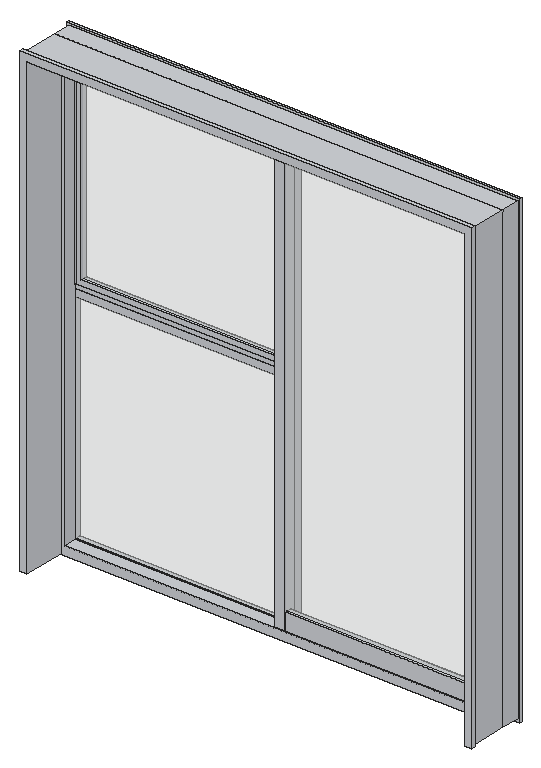
Revit family "APL Residential Thermal Heart Sliding Door SF with Sidelight", category Doors, host Wall, Revit 2017 (continued)
Definition of nested family "APL Residential Thermal Heart Sliding Door SF with Sidelight Horizontal Section"
  Definition of nested family "Interlocker&Sash"
    Definition of nested family "65420_Interlocker Mullion"
      Lines and regions (mm)
        model lines, in view "Ref. Level"
          curve 223: arc (-38.141, 60.009, 0) -> (-37.948, 59.957, 0) -> (-37.807, 60.098, 0) r 0.2
          curve 224: arc (-37.762, 60.266, 0) -> (-37.71, 60.355, 0) -> (-37.621, 60.407, 0) r 0.2
          curve 225: arc (-35.4, 60.95, 0) -> (-35.12, 60.757, 0) -> (-35.2, 60.426, 0) r 0.3
          curve 226: arc (-35.2, 60.426, 0) -> (-35.274, 60.325, 0) -> (-35.3, 60.203, 0) r 0.3
          curve 227: arc (-35.106, 56.2, 0) -> (-35.142, 56.028, 0) -> (-35.3, 55.95, 0) r 0.2
          curve 228: arc (-35.821, 55.95, 0) -> (-35.902, 55.961, 0) -> (-35.977, 55.994, 0) r 0.3
          curve 229: arc (-37.231, 56.759, 0) -> (-37.228, 56.929, 0) -> (-37.334, 57.061, 0) r 0.25
          curve 230: arc (-37.42, 57.113, 0) -> (-37.672, 57.118, 0) -> (-37.8, 56.9, 0) r 0.25
          curve 231: arc (-37.8, 54.875, 0) -> (-37.774, 54.778, 0) -> (-37.704, 54.705, 0) r 0.2
          curve 232: arc (-36.751, 54.123, 0) -> (-36.626, 54.069, 0) -> (-36.491, 54.05, 0) r 0.5
          curve 233: arc (-33.9, 54.05, 0) -> (-33.546, 54.196, 0) -> (-33.4, 54.55, 0) r 0.5
          curve 234: arc (-33.4, 59.15, 0) -> (-33.254, 59.504, 0) -> (-32.9, 59.65, 0) r 0.5
          curve 235: arc (-17.952, 59.65, 0) -> (-16.112, 60.411, 0) -> (-15.35, 62.25, 0) r 2.6
          curve 236: arc (-15.35, 64, 0) -> (-15.291, 64.141, 0) -> (-15.15, 64.2, 0) r 0.2
          curve 237: arc (-7.85, 64.2, 0) -> (-6.162, 64.792, 0) -> (-5.215, 66.309, 0) r 2.7
          curve 238: arc (-5.215, 66.309, 0) -> (-5.04, 66.59, 0) -> (-4.727, 66.7, 0) r 0.5
          curve 239: arc (-2.4, 66.7, 0) -> (-2.046, 66.554, 0) -> (-1.9, 66.2, 0) r 0.5
          curve 240: line (-22, 9.8, 0) -> (-22, 3.501, 0)
          curve 241: line (-21, 2.5, 0) -> (-2.8, 2.5, 0)
          curve 242: line (-1.8, 3.5, 0) -> (-1.8, 9.8, 0)
          curve 243: line (-2.8, 10.8, 0) -> (-21.001, 10.8, 0)
          curve 244: line (-1.9, 30.119, 0) -> (-1.9, 13.7, 0)
          curve 245: line (-2.9, 12.7, 0) -> (-24.1, 12.7, 0)
          curve 246: line (-24.6, 13.2, 0) -> (-24.6, 14.698, 0)
          curve 247: line (-25.1, 15.2, 0) -> (-27.449, 15.2, 0)
          curve 248: line (-27.309, 14.631, 0) -> (-26.544, 13.377, 0)
          curve 249: line (-26.544, 13.377, 0) -> (-26.5, 12.7, 0)
          curve 250: line (-26.75, 12.506, 0) -> (-27.475, 12.694, 0)
          curve 251: line (-27.475, 12.694, 0) -> (-30.753, 12.7, 0)
          curve 252: line (-31.5, 12.954, 0) -> (-30.957, 15.021, 0)
          curve 253: line (-30.957, 15.021, 0) -> (-30.648, 15.207, 0)
          curve 254: line (-30.559, 15.541, 0) -> (-30.922, 15.905, 0)
          curve 255: line (-31.108, 15.992, 0) -> (-33.474, 16.199, 0)
          curve 256: line (-33.782, 15.797, 0) -> (-33.268, 14.387, 0)
          curve 257: line (-33, 13.617, 0) -> (-33, 9.5, 0)
          curve 258: line (-32.8, 9.3, 0) -> (-32.5, 9.3, 0)
          curve 259: line (-31.98, 9.6, 0) -> (-31.345, 10.7, 0)
          curve 260: line (-31.172, 10.8, 0) -> (-25, 10.8, 0)
          curve 261: line (-24, 9.8, 0) -> (-24, 2.463, 0)
          curve 262: line (-24.98, 1.463, 0) -> (-31.935, 1.322, 0)
          curve 263: line (-32.621, 1.665, 0) -> (-32.953, 1.269, 0)
          curve 264: line (-32.953, 1.269, 0) -> (-33, 0.2, 0)
          curve 265: line (-32.8, 0, 0) -> (-0.5, 0, 0)
          curve 266: line (0, 0.5, 0) -> (0, 70.3, 0)
          curve 267: line (-0.2, 70.5, 0) -> (-0.8, 70.5, 0)
          curve 268: line (-1, 70.3, 0) -> (-1, 69.7, 0)
          curve 269: line (-1.2, 69.5, 0) -> (-8.75, 69.5, 0)
          curve 270: line (-8.75, 68.5, 0) -> (-7.85, 68.5, 0)
          curve 271: line (-7.65, 68.3, 0) -> (-7.65, 67.2, 0)
          curve 272: line (-7.85, 67, 0) -> (-15.15, 67, 0)
          curve 273: line (-15.35, 67.2, 0) -> (-15.35, 68.3, 0)
          curve 274: line (-15.15, 68.5, 0) -> (-14.25, 68.5, 0)
          curve 275: line (-14.25, 69.5, 0) -> (-14.85, 69.5, 0)
          curve 276: line (-15.85, 70.5, 0) -> (-30.65, 70.5, 0)
          curve 277: line (-30.709, 69.002, 0) -> (-20.534, 68.077, 0)
          curve 278: line (-20.35, 67.877, 0) -> (-20.35, 67.25, 0)
          curve 279: line (-19.35, 67.25, 0) -> (-19.35, 67.8, 0)
          curve 280: line (-19.15, 68, 0) -> (-18.05, 68, 0)
          curve 281: line (-17.85, 67.8, 0) -> (-17.85, 62.7, 0)
          curve 282: line (-18.05, 62.5, 0) -> (-19.15, 62.5, 0)
          curve 283: line (-19.35, 62.7, 0) -> (-19.35, 63.25, 0)
          curve 284: line (-20.35, 63.25, 0) -> (-20.35, 62.65, 0)
          curve 285: line (-20.55, 62.45, 0) -> (-36.217, 62.45, 0)
          curve 286: line (-36.987, 62.718, 0) -> (-38.397, 63.232, 0)
          curve 287: line (-38.799, 62.924, 0) -> (-38.592, 60.558, 0)
          curve 288: line (-38.505, 60.372, 0) -> (-38.141, 60.009, 0)
          curve 289: line (-37.807, 60.098, 0) -> (-37.762, 60.266, 0)
          curve 290: line (-37.762, 60.266, 0) -> (-35.632, 60.94, 0)
          curve 291: line (-35.632, 60.94, 0) -> (-35.4, 60.95, 0)
          curve 292: line (-35.3, 60.203, 0) -> (-35.3, 56.975, 0)
          curve 293: line (-35.3, 56.975, 0) -> (-35.106, 56.2, 0)
          curve 294: line (-35.3, 55.95, 0) -> (-35.821, 55.95, 0)
          curve 295: line (-35.821, 55.95, 0) -> (-37.231, 56.759, 0)
          curve 296: line (-37.8, 56.9, 0) -> (-37.8, 54.875, 0)
          curve 297: line (-37.704, 54.705, 0) -> (-36.751, 54.123, 0)
          curve 298: line (-36.491, 54.05, 0) -> (-33.9, 54.05, 0)
          curve 299: line (-33.4, 54.55, 0) -> (-33.4, 59.15, 0)
          curve 300: line (-32.9, 59.65, 0) -> (-17.952, 59.65, 0)
          curve 301: line (-15.35, 62.25, 0) -> (-15.35, 64, 0)
          curve 302: line (-15.15, 64.2, 0) -> (-7.85, 64.2, 0)
          curve 303: line (-4.727, 66.7, 0) -> (-2.4, 66.7, 0)
          curve 304: line (-1.9, 66.2, 0) -> (-1.9, 37.681, 0)
          curve 305: arc (-1.9, 37.681, 0) -> (-2.153, 37.247, 0) -> (-2.656, 37.252, 0) r 0.5
          curve 306: arc (-2.656, 37.252, 0) -> (-5.107, 37.773, 0) -> (-7.37, 36.695, 0) r 3.9
          curve 307: arc (-7.37, 36.695, 0) -> (-7.387, 35.422, 0) -> (-6.115, 35.405, 0) r 0.9
          curve 308: arc (-6.115, 35.405, 0) -> (-4.65, 36, 0) -> (-3.185, 35.405, 0) r 2.1
          curve 309: arc (-3.185, 35.405, 0) -> (-3.023, 35.28, 0) -> (-2.836, 35.194, 0) r 0.9
          curve 310: arc (-2.836, 35.194, 0) -> (-2.664, 35.097, 0) -> (-2.543, 34.94, 0) r 0.5
          curve 311: arc (-2.543, 34.94, 0) -> (-2.3, 33.9, 0) -> (-2.543, 32.86, 0) r 2.35
          curve 312: arc (-2.543, 32.86, 0) -> (-2.664, 32.703, 0) -> (-2.836, 32.606, 0) r 0.5
          curve 313: arc (-2.836, 32.606, 0) -> (-3.023, 32.52, 0) -> (-3.185, 32.395, 0) r 0.9
          curve 314: arc (-3.185, 32.395, 0) -> (-4.65, 31.8, 0) -> (-6.115, 32.395, 0) r 2.1
          curve 315: arc (-6.115, 32.395, 0) -> (-7.387, 32.378, 0) -> (-7.37, 31.105, 0) r 0.9
          curve 316: arc (-7.37, 31.105, 0) -> (-5.107, 30.027, 0) -> (-2.656, 30.548, 0) r 3.9
      Text (mm)
        text "65420" at (-82.532, 21.092, 0), in view "Ref. Level"
    Definition of nested family "65720_Sash"
      Reference planes
        plane 1 "Center (Front/Back)": y = 0
        plane 2: z = 0
        plane 3 "Center (Left/Right)": x = 0
      Lines and regions (mm)
        detail lines, in view "Ref. Level"
          curve 1: arc (-0.482, 17.85, 0) -> (-0.172, 17.71, 0) -> (-0.009, 18.009, 0) r 0.25
          curve 2: arc (-0.036, 27.897, 0) -> (-0.198, 28.196, 0) -> (-0.508, 28.056, 0) r 0.25
          curve 3: line (-0.009, 18.009, 0) -> (-1.003, 21.876, 0)
          curve 4: line (-1.003, 21.876, 0) -> (0, 22.455, 0)
          curve 5: line (0, 22.455, 0) -> (0, 23.455, 0)
          curve 6: line (0, 23.455, 0) -> (-1.025, 24.047, 0)
          curve 7: line (-1.025, 24.047, 0) -> (-0.036, 27.897, 0)
          curve 8: line (-0.508, 28.056, 0) -> (-2.232, 23.955, 0)
          curve 9: line (-2.232, 23.955, 0) -> (-3.5, 23.955, 0)
          curve 10: line (-3.5, 23.955, 0) -> (-3.5, 25.205, 0)
          curve 11: line (-3.5, 25.205, 0) -> (-4.5, 25.205, 0)
          curve 12: line (-4.5, 25.205, 0) -> (-4.5, 20.705, 0)
          curve 13: line (-4.5, 20.705, 0) -> (-3.5, 20.705, 0)
          curve 14: line (-3.5, 20.705, 0) -> (-3.5, 21.955, 0)
          curve 15: line (-3.5, 21.955, 0) -> (-2.208, 21.955, 0)
          curve 16: line (-2.208, 21.955, 0) -> (-0.482, 17.85, 0)
        detail lines, in view "Ref. Level", not visible
          curve 17: arc (33.161, -9.933, 0) -> (32.851, -9.793, 0) -> (32.689, -10.092, 0) r 0.25
          curve 18: arc (32.715, -19.98, 0) -> (32.877, -20.279, 0) -> (33.188, -20.139, 0) r 0.25
          curve 19: line (32.689, -10.092, 0) -> (33.683, -13.959, 0)
          curve 20: line (33.683, -13.959, 0) -> (32.679, -14.539, 0)
          curve 21: line (32.679, -14.539, 0) -> (32.679, -15.539, 0)
          curve 22: line (32.679, -15.539, 0) -> (33.705, -16.131, 0)
          curve 23: line (33.705, -16.131, 0) -> (32.715, -19.98, 0)
          curve 24: line (33.188, -20.139, 0) -> (34.912, -16.039, 0)
          curve 25: line (34.912, -16.039, 0) -> (36.179, -16.039, 0)
          curve 26: line (36.179, -16.039, 0) -> (36.179, -17.289, 0)
          curve 27: line (36.179, -17.289, 0) -> (37.179, -17.289, 0)
          curve 28: line (37.179, -17.289, 0) -> (37.179, -12.789, 0)
          curve 29: line (37.179, -12.789, 0) -> (36.179, -12.789, 0)
          curve 30: line (36.179, -12.789, 0) -> (36.179, -14.039, 0)
          curve 31: line (36.179, -14.039, 0) -> (34.887, -14.039, 0)
          curve 32: line (34.887, -14.039, 0) -> (33.161, -9.933, 0)
        model lines, in view "Ref. Level"
          curve 33: arc (17.915, 0.146, 0) -> (17.978, 0, 0) -> (17.915, -0.146, 0) r 0.2
          curve 34: arc (17.915, -0.146, 0) -> (17.682, -0.477, 0) -> (17.6, -0.874, 0) r 1
          curve 35: arc (17.6, -2.45, 0) -> (17.728, -2.668, 0) -> (17.98, -2.663, 0) r 0.25
          curve 36: arc (18.066, -2.611, 0) -> (18.172, -2.479, 0) -> (18.169, -2.309, 0) r 0.25
          curve 37: arc (19.422, -1.544, 0) -> (19.498, -1.511, 0) -> (19.579, -1.5, 0) r 0.3
          curve 38: arc (20.1, -1.5, 0) -> (20.258, -1.578, 0) -> (20.294, -1.75, 0) r 0.2
          curve 39: arc (20.1, -5.753, 0) -> (20.126, -5.875, 0) -> (20.2, -5.976, 0) r 0.3
          curve 40: arc (20.2, -5.976, 0) -> (20.28, -6.307, 0) -> (20, -6.5, 0) r 0.3
          curve 41: arc (17.779, -5.957, 0) -> (17.69, -5.905, 0) -> (17.638, -5.816, 0) r 0.2
          curve 42: arc (17.593, -5.648, 0) -> (17.452, -5.507, 0) -> (17.259, -5.559, 0) r 0.2
          curve 43: arc (16.895, -5.922, 0) -> (16.835, -6.008, 0) -> (16.808, -6.108, 0) r 0.3
          curve 44: arc (16.601, -8.474, 0) -> (16.717, -8.738, 0) -> (17.003, -8.782, 0) r 0.3
          curve 45: arc (18.413, -8.268, 0) -> (18.539, -8.181, 0) -> (18.605, -8.043, 0) r 0.3
          curve 46: arc (18.605, -8.043, 0) -> (18.878, -7.801, 0) -> (19.183, -8, 0) r 0.3
          curve 47: arc (38.5, -8, 0) -> (38.855, -8.145, 0) -> (39, -8.5, 0) r 0.496
          curve 48: arc (37.5, -13.6, 0) -> (36.793, -13.893, 0) -> (36.5, -14.6, 0) r 1
          curve 49: arc (36.5, -15.098, 0) -> (37, -15.599, 0) -> (37.5, -15.099, 0) r 0.5
          curve 50: arc (39.4, -19.8, 0) -> (39.1, -20.1, 0) -> (39.4, -20.4, 0) r 0.3
          curve 51: arc (37.5, -24.002, 0) -> (37.354, -23.647, 0) -> (37, -23.5, 0) r 0.5
          curve 52: arc (36.001, -23.5, 0) -> (35.859, -23.441, 0) -> (35.8, -23.3, 0) r 0.2
          curve 53: arc (35.8, -23.308, 0) -> (35.697, -23.003, 0) -> (35.429, -22.825, 0) r 0.5
          curve 54: arc (34.552, -22.589, 0) -> (34.378, -22.624, 0) -> (34.3, -22.783, 0) r 0.2
          curve 55: arc (34.52, -24.835, 0) -> (34.588, -24.953, 0) -> (34.717, -25, 0) r 0.2
          curve 56: arc (36, -26.8, 0) -> (36.059, -26.941, 0) -> (36.2, -27, 0) r 0.2
          curve 57: arc (40.6, -27, 0) -> (40.741, -26.941, 0) -> (40.8, -26.8, 0) r 0.2
          curve 58: arc (40.8, 9.2, 0) -> (40.2, 9.801, 0) -> (39.6, 9.2, 0) r 0.6
          curve 59: arc (34.719, 4.17, 0) -> (34.38, 4.303, 0) -> (34.221, 4.63, 0) r 0.5
          curve 60: arc (34.221, 4.63, 0) -> (34.008, 5.519, 0) -> (33.531, 6.299, 0) r 2.93
          curve 61: arc (33.531, 6.299, 0) -> (33.518, 6.54, 0) -> (33.747, 6.618, 0) r 0.2
          curve 62: arc (33.747, 6.618, 0) -> (34.115, 6.712, 0) -> (34.181, 7.087, 0) r 0.35
          curve 63: arc (34.181, 7.087, 0) -> (33.629, 7.751, 0) -> (32.801, 8, 0) r 1.498
          curve 64: arc (19.183, 8, 0) -> (18.878, 7.801, 0) -> (18.605, 8.043, 0) r 0.3
          curve 65: arc (18.605, 8.043, 0) -> (18.539, 8.181, 0) -> (18.413, 8.268, 0) r 0.3
          curve 66: arc (17.003, 8.782, 0) -> (16.717, 8.738, 0) -> (16.601, 8.474, 0) r 0.3
          curve 67: arc (16.808, 6.108, 0) -> (16.835, 6.008, 0) -> (16.895, 5.922, 0) r 0.3
          curve 68: arc (17.259, 5.559, 0) -> (17.452, 5.507, 0) -> (17.593, 5.648, 0) r 0.2
          curve 69: arc (17.638, 5.816, 0) -> (17.69, 5.905, 0) -> (17.779, 5.957, 0) r 0.2
          curve 70: arc (20, 6.5, 0) -> (20.28, 6.307, 0) -> (20.2, 5.976, 0) r 0.3
          curve 71: arc (20.2, 5.976, 0) -> (20.126, 5.875, 0) -> (20.1, 5.753, 0) r 0.3
          curve 72: arc (20.294, 1.75, 0) -> (20.258, 1.578, 0) -> (20.1, 1.5, 0) r 0.2
          curve 73: arc (19.579, 1.5, 0) -> (19.498, 1.511, 0) -> (19.423, 1.544, 0) r 0.3
          curve 74: arc (18.169, 2.309, 0) -> (18.172, 2.479, 0) -> (18.066, 2.611, 0) r 0.25
          curve 75: arc (17.98, 2.663, 0) -> (17.728, 2.668, 0) -> (17.6, 2.45, 0) r 0.25
          curve 76: arc (17.6, 0.874, 0) -> (17.682, 0.477, 0) -> (17.915, 0.146, 0) r 1
          curve 77: arc (28.892, 6.6, 0) -> (29.073, 6.485, 0) -> (29.046, 6.272, 0) r 0.2
          curve 78: arc (29.046, 6.272, 0) -> (28.37, 4.41, 0) -> (29.034, 2.543, 0) r 2.93
          curve 79: arc (29.034, 2.543, 0) -> (30.019, 2.445, 0) -> (30.116, 3.43, 0) r 0.7
          curve 80: arc (30.116, 3.43, 0) -> (29.77, 4.4, 0) -> (30.116, 5.37, 0) r 1.53
          curve 81: arc (30.116, 5.37, 0) -> (30.208, 5.514, 0) -> (30.262, 5.676, 0) r 0.7
          curve 82: arc (30.262, 5.676, 0) -> (30.359, 5.888, 0) -> (30.541, 6.032, 0) r 0.5
          curve 83: arc (30.541, 6.032, 0) -> (31.3, 6.2, 0) -> (32.059, 6.032, 0) r 1.8
          curve 84: arc (32.059, 6.032, 0) -> (32.241, 5.888, 0) -> (32.338, 5.676, 0) r 0.5
          curve 85: arc (32.338, 5.676, 0) -> (32.392, 5.514, 0) -> (32.484, 5.37, 0) r 0.7
          curve 86: arc (32.484, 5.37, 0) -> (32.83, 4.4, 0) -> (32.484, 3.43, 0) r 1.53
          curve 87: arc (32.484, 3.43, 0) -> (32.581, 2.445, 0) -> (33.566, 2.543, 0) r 0.7
          curve 88: arc (33.566, 2.543, 0) -> (33.647, 2.645, 0) -> (33.722, 2.751, 0) r 2.93
          curve 89: arc (33.722, 2.751, 0) -> (33.902, 2.912, 0) -> (34.135, 2.97, 0) r 0.5
          curve 90: arc (38.899, 2.97, 0) -> (39.253, 2.824, 0) -> (39.4, 2.47, 0) r 0.5
          curve 91: arc (39.4, -6.3, 0) -> (39.254, -6.654, 0) -> (38.9, -6.8, 0) r 0.5
          curve 92: arc (22.502, -6.8, 0) -> (22.147, -6.654, 0) -> (22, -6.3, 0) r 0.5
          curve 93: line (17.6, -0.874, 0) -> (17.6, -2.45, 0)
          curve 94: line (18.169, -2.309, 0) -> (19.422, -1.544, 0)
          curve 95: line (19.422, -1.544, 0) -> (20.1, -1.5, 0)
          curve 96: line (20.294, -1.75, 0) -> (20.106, -2.475, 0)
          curve 97: line (20.106, -2.475, 0) -> (20.1, -5.753, 0)
          curve 98: line (19.846, -6.5, 0) -> (17.779, -5.957, 0)
          curve 99: line (17.779, -5.957, 0) -> (17.593, -5.648, 0)
          curve 100: line (17.259, -5.559, 0) -> (16.895, -5.922, 0)
          curve 101: line (16.808, -6.108, 0) -> (16.601, -8.474, 0)
          curve 102: line (17.003, -8.782, 0) -> (18.413, -8.268, 0)
          curve 103: line (19.183, -8, 0) -> (38.5, -8, 0)
          curve 104: line (39, -8.5, 0) -> (39, -13.6, 0)
          curve 105: line (39, -13.6, 0) -> (37.5, -13.6, 0)
          curve 106: line (36.5, -14.6, 0) -> (36.5, -15.098, 0)
          curve 107: line (37.5, -15.099, 0) -> (37.5, -14.6, 0)
          curve 108: line (37.5, -14.6, 0) -> (39.4, -14.6, 0)
          curve 109: line (39.4, -14.6, 0) -> (39.4, -19.8, 0)
          curve 110: line (39.4, -20.4, 0) -> (39.4, -25.6, 0)
          curve 111: line (39.4, -25.6, 0) -> (37.5, -25.6, 0)
          curve 112: line (37.5, -25.6, 0) -> (37.5, -24.002, 0)
          curve 113: line (37, -23.5, 0) -> (36.001, -23.5, 0)
          curve 114: line (35.429, -22.825, 0) -> (34.552, -22.589, 0)
          curve 115: line (34.3, -22.783, 0) -> (34.3, -23.589, 0)
          curve 116: line (34.3, -23.589, 0) -> (34.52, -24.835, 0)
          curve 117: line (34.717, -25, 0) -> (36, -25, 0)
          curve 118: line (36, -25, 0) -> (36, -26.8, 0)
          curve 119: line (36.2, -27, 0) -> (40.6, -27, 0)
          curve 120: line (40.8, -26.8, 0) -> (40.8, 9.2, 0)
          curve 121: line (39.6, 9.2, 0) -> (39.6, 4.17, 0)
          curve 122: line (39.6, 4.17, 0) -> (34.719, 4.17, 0)
          curve 123: line (32.801, 8, 0) -> (24.7, 8, 0)
          curve 124: line (24.7, 8, 0) -> (24.3, 7.6, 0)
          curve 125: line (24.3, 7.6, 0) -> (23.9, 8, 0)
          curve 126: line (23.9, 8, 0) -> (19.183, 8, 0)
          curve 127: line (18.413, 8.268, 0) -> (17.003, 8.782, 0)
          curve 128: line (16.601, 8.474, 0) -> (16.808, 6.108, 0)
          curve 129: line (16.895, 5.922, 0) -> (17.259, 5.559, 0)
          curve 130: line (17.593, 5.648, 0) -> (17.638, 5.816, 0)
          curve 131: line (17.638, 5.816, 0) -> (19.768, 6.49, 0)
          curve 132: line (19.768, 6.49, 0) -> (20, 6.5, 0)
          curve 133: line (20.1, 5.753, 0) -> (20.1, 2.525, 0)
          curve 134: line (20.1, 2.525, 0) -> (20.294, 1.75, 0)
          curve 135: line (20.1, 1.5, 0) -> (19.579, 1.5, 0)
          curve 136: line (19.579, 1.5, 0) -> (18.169, 2.309, 0)
          curve 137: line (17.6, 2.45, 0) -> (17.6, 0.874, 0)
          curve 138: line (22.5, 6.6, 0) -> (28.892, 6.6, 0)
          curve 139: line (34.135, 2.97, 0) -> (38.899, 2.97, 0)
          curve 140: line (39.4, 2.47, 0) -> (39.4, -6.3, 0)
          curve 141: line (38.9, -6.8, 0) -> (22.502, -6.8, 0)
          curve 142: line (22, -6.3, 0) -> (22, 6.1, 0)
          curve 143: arc (22, 6.1, 0) -> (22.146, 6.454, 0) -> (22.5, 6.6, 0) r 0.5
          curve 144: arc (12.714, 14.359, 0) -> (13.138, 14.183, 0) -> (13.314, 13.759, 0) r 0.6
          curve 145: arc (13.633, 5.978, 0) -> (13.937, 5.291, 0) -> (14.633, 5.009, 0) r 1
          curve 146: arc (17.054, 5.009, 0) -> (17.364, 5.05, 0) -> (17.654, 5.17, 0) r 1.2
          curve 147: arc (19.714, 6.209, 0) -> (19.996, 6.092, 0) -> (20.114, 5.809, 0) r 0.4
          curve 148: arc (20.014, 4.834, 0) -> (19.955, 4.693, 0) -> (19.814, 4.634, 0) r 0.2
          curve 149: arc (19.617, 4.653, 0) -> (19.041, 4.615, 0) -> (18.764, 4.109, 0) r 0.6
          curve 150: arc (18.764, 4.109, 0) -> (19.041, 3.603, 0) -> (19.617, 3.565, 0) r 0.6
          curve 151: arc (19.814, 3.584, 0) -> (19.955, 3.525, 0) -> (20.014, 3.384, 0) r 0.2
          curve 152: arc (20.114, 2.409, 0) -> (19.996, 2.126, 0) -> (19.714, 2.009, 0) r 0.4
          curve 153: arc (17.654, 3.048, 0) -> (17.364, 3.168, 0) -> (17.054, 3.209, 0) r 1.2
          curve 154: arc (8.374, 3.209, 0) -> (8.063, 3.168, 0) -> (7.774, 3.048, 0) r 1.2
          curve 155: arc (5.714, 2.009, 0) -> (5.431, 2.126, 0) -> (5.314, 2.409, 0) r 0.4
          curve 156: arc (5.414, 3.384, 0) -> (5.472, 3.525, 0) -> (5.614, 3.584, 0) r 0.2
          curve 157: arc (5.81, 3.565, 0) -> (6.386, 3.603, 0) -> (6.664, 4.109, 0) r 0.6
          curve 158: arc (6.664, 4.109, 0) -> (6.386, 4.615, 0) -> (5.81, 4.653, 0) r 0.6
          curve 159: arc (5.614, 4.634, 0) -> (5.472, 4.693, 0) -> (5.414, 4.834, 0) r 0.2
          curve 160: arc (5.314, 5.809, 0) -> (5.431, 6.092, 0) -> (5.714, 6.209, 0) r 0.4
          curve 161: arc (7.774, 5.17, 0) -> (8.063, 5.05, 0) -> (8.374, 5.009, 0) r 1.2
          curve 162: arc (10.794, 5.009, 0) -> (11.49, 5.291, 0) -> (11.794, 5.978, 0) r 1
          curve 163: line (13.314, 13.759, 0) -> (13.633, 5.978, 0)
          curve 164: line (14.633, 5.009, 0) -> (16.946, 5.009, 0)
          curve 165: line (17.654, 5.17, 0) -> (18.414, 5.609, 0)
          curve 166: line (18.414, 5.609, 0) -> (19.407, 6.182, 0)
          curve 167: line (19.407, 6.182, 0) -> (19.714, 6.209, 0)
          curve 168: line (20.114, 5.809, 0) -> (20.114, 5.309, 0)
          curve 169: line (20.114, 5.309, 0) -> (20.014, 4.834, 0)
          curve 170: line (20.014, 3.384, 0) -> (20.014, 3.009, 0)
          curve 171: line (20.014, 3.009, 0) -> (20.114, 2.409, 0)
          curve 172: line (19.714, 2.009, 0) -> (19.507, 2.009, 0)
          curve 173: line (19.507, 2.009, 0) -> (18.414, 2.609, 0)
          curve 174: line (18.414, 2.609, 0) -> (17.654, 3.048, 0)
          curve 175: line (16.946, 3.209, 0) -> (12.714, 3.209, 0)
          curve 176: line (12.714, 3.209, 0) -> (8.374, 3.209, 0)
          curve 177: line (7.774, 3.048, 0) -> (6.02, 2.036, 0)
          curve 178: line (6.02, 2.036, 0) -> (5.714, 2.009, 0)
          curve 179: line (5.314, 2.409, 0) -> (5.314, 2.909, 0)
          curve 180: line (5.314, 2.909, 0) -> (5.414, 3.384, 0)
          curve 181: line (5.414, 4.834, 0) -> (5.414, 5.209, 0)
          curve 182: line (5.414, 5.209, 0) -> (5.314, 5.809, 0)
          curve 183: line (5.714, 6.209, 0) -> (5.92, 6.209, 0)
          curve 184: line (5.92, 6.209, 0) -> (7.774, 5.17, 0)
          curve 185: line (8.374, 5.009, 0) -> (10.794, 5.009, 0)
          curve 186: line (11.794, 5.978, 0) -> (12.114, 13.768, 0)
          curve 187: arc (12.114, 13.768, 0) -> (12.293, 14.187, 0) -> (12.714, 14.359, 0) r 0.6
          curve 188: arc (5.3, -2.4, 0) -> (5.417, -2.117, 0) -> (5.7, -2, 0) r 0.4
          curve 189: arc (5.993, -2, 0) -> (6.096, -2.014, 0) -> (6.193, -2.054, 0) r 0.4
          curve 190: arc (7.721, -2.939, 0) -> (8.011, -3.059, 0) -> (8.322, -3.1, 0) r 1.2
          curve 191: arc (9.245, -3.1, 0) -> (9.818, -3.281, 0) -> (10.184, -3.758, 0) r 1
          curve 192: arc (10.977, -5.937, 0) -> (11.124, -6.128, 0) -> (11.353, -6.2, 0) r 0.4
          curve 193: arc (14.047, -6.2, 0) -> (14.276, -6.128, 0) -> (14.423, -5.937, 0) r 0.4
          curve 194: arc (15.216, -3.758, 0) -> (15.582, -3.281, 0) -> (16.155, -3.1, 0) r 1
          curve 195: arc (17.078, -3.1, 0) -> (17.389, -3.059, 0) -> (17.679, -2.939, 0) r 1.2
          curve 196: arc (19.207, -2.054, 0) -> (19.304, -2.014, 0) -> (19.407, -2, 0) r 0.4
          curve 197: arc (19.7, -2, 0) -> (19.983, -2.117, 0) -> (20.1, -2.4, 0) r 0.4
          curve 198: arc (20.1, -5.8, 0) -> (19.983, -6.083, 0) -> (19.7, -6.2, 0) r 0.4
          curve 199: arc (19.407, -6.2, 0) -> (19.304, -6.186, 0) -> (19.207, -6.146, 0) r 0.4
          curve 200: arc (17.679, -5.261, 0) -> (17.385, -5.14, 0) -> (17.07, -5.1, 0) r 1.2
          curve 201: arc (17.07, -5.1, 0) -> (16.895, -5.153, 0) -> (16.784, -5.297, 0) r 0.3
          curve 202: arc (15.896, -7.737, 0) -> (15.749, -7.928, 0) -> (15.52, -8, 0) r 0.4
          curve 203: arc (9.88, -8, 0) -> (9.651, -7.928, 0) -> (9.504, -7.737, 0) r 0.4
          curve 204: arc (8.616, -5.297, 0) -> (8.505, -5.153, 0) -> (8.33, -5.1, 0) r 0.3
          curve 205: arc (8.33, -5.1, 0) -> (8.015, -5.14, 0) -> (7.721, -5.261, 0) r 1.2
          curve 206: arc (6.193, -6.146, 0) -> (6.096, -6.186, 0) -> (5.993, -6.2, 0) r 0.4
          curve 207: arc (5.7, -6.2, 0) -> (5.417, -6.083, 0) -> (5.3, -5.8, 0) r 0.4
          curve 208: line (5.7, -2, 0) -> (5.993, -2, 0)
          curve 209: line (6.193, -2.054, 0) -> (7.721, -2.939, 0)
          curve 210: line (8.322, -3.1, 0) -> (9.245, -3.1, 0)
          curve 211: line (10.184, -3.758, 0) -> (10.977, -5.937, 0)
          curve 212: line (11.353, -6.2, 0) -> (14.047, -6.2, 0)
          curve 213: line (14.423, -5.937, 0) -> (15.216, -3.758, 0)
          curve 214: line (16.155, -3.1, 0) -> (17.078, -3.1, 0)
          curve 215: line (17.679, -2.939, 0) -> (19.207, -2.054, 0)
          curve 216: line (19.407, -2, 0) -> (19.7, -2, 0)
          curve 217: line (20.1, -2.4, 0) -> (20.1, -5.8, 0)
          curve 218: line (19.7, -6.2, 0) -> (19.407, -6.2, 0)
          curve 219: line (19.207, -6.146, 0) -> (17.679, -5.261, 0)
          curve 220: line (16.784, -5.297, 0) -> (15.896, -7.737, 0)
          curve 221: line (15.52, -8, 0) -> (9.88, -8, 0)
          curve 222: line (9.504, -7.737, 0) -> (8.616, -5.297, 0)
          curve 223: line (7.721, -5.261, 0) -> (6.193, -6.146, 0)
          curve 224: line (5.993, -6.2, 0) -> (5.7, -6.2, 0)
          curve 225: line (5.3, -5.8, 0) -> (5.3, -2.4, 0)
          curve 226: arc (7.8, -0.874, 0) -> (7.718, -0.477, 0) -> (7.485, -0.146, 0) r 1
          curve 227: arc (7.485, -0.146, 0) -> (7.422, 0, 0) -> (7.485, 0.146, 0) r 0.2
          curve 228: arc (7.485, 0.146, 0) -> (7.718, 0.477, 0) -> (7.8, 0.874, 0) r 1
          curve 229: arc (7.8, 2.449, 0) -> (7.673, 2.668, 0) -> (7.42, 2.663, 0) r 0.25
          curve 230: arc (7.334, 2.611, 0) -> (7.228, 2.479, 0) -> (7.231, 2.309, 0) r 0.25
          curve 231: arc (5.977, 1.544, 0) -> (5.902, 1.511, 0) -> (5.821, 1.5, 0) r 0.3
          curve 232: arc (5.3, 1.5, 0) -> (5.142, 1.578, 0) -> (5.106, 1.75, 0) r 0.2
          curve 233: arc (5.3, 5.753, 0) -> (5.274, 5.875, 0) -> (5.2, 5.976, 0) r 0.3
          curve 234: arc (5.2, 5.976, 0) -> (5.12, 6.307, 0) -> (5.4, 6.5, 0) r 0.3
          curve 235: arc (7.621, 5.957, 0) -> (7.71, 5.905, 0) -> (7.762, 5.816, 0) r 0.2
          curve 236: arc (7.807, 5.648, 0) -> (7.948, 5.507, 0) -> (8.141, 5.559, 0) r 0.2
          curve 237: arc (8.505, 5.922, 0) -> (8.565, 6.008, 0) -> (8.592, 6.108, 0) r 0.3
          curve 238: arc (8.799, 8.474, 0) -> (8.683, 8.738, 0) -> (8.397, 8.782, 0) r 0.3
          curve 239: arc (6.987, 8.268, 0) -> (6.861, 8.181, 0) -> (6.795, 8.043, 0) r 0.3
          curve 240: arc (6.795, 8.043, 0) -> (6.522, 7.801, 0) -> (6.217, 8, 0) r 0.3
          curve 241: arc (-3.3, 8, 0) -> (-4.007, 8.293, 0) -> (-4.3, 9, 0) r 1
          curve 242: arc (-4.3, 18.8, 0) -> (-4.241, 18.941, 0) -> (-4.1, 19, 0) r 0.2
          curve 243: arc (-3.2, 19, 0) -> (-2.493, 19.293, 0) -> (-2.2, 20, 0) r 1
          curve 244: arc (-2.2, 20.751, 0) -> (-2.7, 21.252, 0) -> (-3.2, 20.751, 0) r 0.5
          curve 245: arc (-3.2, 24.751, 0) -> (-2.7, 24.249, 0) -> (-2.2, 24.751, 0) r 0.5
          curve 246: arc (-2.2, 25.501, 0) -> (-2.493, 26.207, 0) -> (-3.199, 26.5, 0) r 0.999
          curve 247: arc (-4.7, 26.5, 0) -> (-5.407, 26.207, 0) -> (-5.7, 25.5, 0) r 1
          curve 248: arc (-5.7, -14.454, 0) -> (-5.548, -15.22, 0) -> (-5.114, -15.869, 0) r 2
          curve 249: arc (5.959, -26.941, 0) -> (6.177, -26.985, 0) -> (6.3, -26.8, 0) r 0.2
          curve 250: arc (6.3, -22.85, 0) -> (6.241, -22.709, 0) -> (6.1, -22.65, 0) r 0.2
          curve 251: arc (5.501, -22.65, 0) -> (5.359, -22.708, 0) -> (5.3, -22.85, 0) r 0.2
          curve 252: arc (5.3, -23.2, 0) -> (5.241, -23.341, 0) -> (5.1, -23.4, 0) r 0.201
          curve 253: arc (4.497, -23.4, 0) -> (4.357, -23.341, 0) -> (4.3, -23.2, 0) r 0.198
          curve 254: arc (4.3, -20.1, 0) -> (4.358, -19.96, 0) -> (4.497, -19.9, 0) r 0.2
          curve 255: arc (5.1, -19.9, 0) -> (5.241, -19.959, 0) -> (5.3, -20.1, 0) r 0.2
          curve 256: arc (5.3, -20.45, 0) -> (5.359, -20.591, 0) -> (5.5, -20.65, 0) r 0.2
          curve 257: arc (6.1, -20.65, 0) -> (6.241, -20.591, 0) -> (6.3, -20.45, 0) r 0.2
          curve 258: arc (6.3, -19.092, 0) -> (6.244, -18.951, 0) -> (6.1, -18.9, 0) r 0.184
          curve 259: arc (6.217, -8, 0) -> (6.522, -7.801, 0) -> (6.795, -8.043, 0) r 0.3
          curve 260: arc (6.795, -8.043, 0) -> (6.861, -8.181, 0) -> (6.987, -8.268, 0) r 0.3
          curve 261: arc (8.397, -8.782, 0) -> (8.683, -8.738, 0) -> (8.799, -8.474, 0) r 0.3
          curve 262: arc (8.592, -6.108, 0) -> (8.565, -6.008, 0) -> (8.505, -5.922, 0) r 0.3
          curve 263: arc (8.141, -5.559, 0) -> (7.948, -5.507, 0) -> (7.807, -5.648, 0) r 0.2
          curve 264: arc (7.762, -5.816, 0) -> (7.71, -5.905, 0) -> (7.621, -5.957, 0) r 0.2
          curve 265: arc (5.4, -6.5, 0) -> (5.12, -6.307, 0) -> (5.2, -5.976, 0) r 0.3
          curve 266: arc (5.2, -5.976, 0) -> (5.274, -5.875, 0) -> (5.3, -5.753, 0) r 0.3
          curve 267: arc (5.106, -1.75, 0) -> (5.142, -1.578, 0) -> (5.3, -1.5, 0) r 0.2
          curve 268: arc (5.82, -1.5, 0) -> (5.902, -1.511, 0) -> (5.977, -1.544, 0) r 0.3
          curve 269: arc (7.231, -2.309, 0) -> (7.228, -2.479, 0) -> (7.334, -2.611, 0) r 0.25
          curve 270: arc (7.42, -2.663, 0) -> (7.672, -2.668, 0) -> (7.8, -2.45, 0) r 0.25
          curve 271: arc (-0.454, 6.272, 0) -> (-0.427, 6.485, 0) -> (-0.608, 6.6, 0) r 0.2
          curve 272: arc (-3.4, 6.6, 0) -> (-4.107, 6.307, 0) -> (-4.4, 5.6, 0) r 1
          curve 273: arc (-4.4, -2.447, 0) -> (-4.254, -2.802, 0) -> (-3.9, -2.949, 0) r 0.5
          curve 274: arc (-2.4, -2.949, 0) -> (-1.693, -3.242, 0) -> (-1.4, -3.949, 0) r 1
          curve 275: arc (-1.4, -4.449, 0) -> (-1.9, -4.949, 0) -> (-2.4, -4.449, 0) r 0.5
          curve 276: arc (-4, -3.949, 0) -> (-4.283, -4.067, 0) -> (-4.4, -4.349, 0) r 0.4
          curve 277: arc (-4.4, -9.05, 0) -> (-4, -9.45, 0) -> (-4.4, -9.85, 0) r 0.4
          curve 278: arc (-4.4, -14.452, 0) -> (-4.347, -14.721, 0) -> (-4.195, -14.949, 0) r 0.7
          curve 279: arc (-2.4, -14.449, 0) -> (-1.9, -13.949, 0) -> (-1.4, -14.449, 0) r 0.5
          curve 280: arc (-1.4, -15.007, 0) -> (-1.602, -15.609, 0) -> (-2.125, -15.969, 0) r 1
          curve 281: arc (-2.125, -15.969, 0) -> (-2.472, -16.324, 0) -> (-2.341, -16.803, 0) r 0.5
          curve 282: arc (2.959, -22.103, 0) -> (3.177, -22.146, 0) -> (3.3, -21.962, 0) r 0.2
          curve 283: line (7.8, 0.874, 0) -> (7.8, 2.449, 0)
          curve 284: line (7.231, 2.309, 0) -> (5.977, 1.544, 0)
          curve 285: line (5.977, 1.544, 0) -> (5.3, 1.5, 0)
          curve 286: line (5.106, 1.75, 0) -> (5.294, 2.475, 0)
          curve 287: line (5.294, 2.475, 0) -> (5.3, 5.753, 0)
          curve 288: line (5.554, 6.5, 0) -> (7.621, 5.957, 0)
          curve 289: line (7.621, 5.957, 0) -> (7.807, 5.648, 0)
          curve 290: line (8.141, 5.559, 0) -> (8.505, 5.922, 0)
          curve 291: line (8.592, 6.108, 0) -> (8.799, 8.474, 0)
          curve 292: line (8.397, 8.782, 0) -> (6.987, 8.268, 0)
          curve 293: line (6.217, 8, 0) -> (-3.3, 8, 0)
          curve 294: line (-4.3, 9, 0) -> (-4.3, 18.8, 0)
          curve 295: line (-4.1, 19, 0) -> (-3.2, 19, 0)
          curve 296: line (-2.2, 20, 0) -> (-2.2, 20.751, 0)
          curve 297: line (-3.2, 20.751, 0) -> (-3.2, 20, 0)
          curve 298: line (-3.2, 20, 0) -> (-4.7, 20, 0)
          curve 299: line (-4.7, 20, 0) -> (-4.7, 25.5, 0)
          curve 300: line (-4.7, 25.5, 0) -> (-3.2, 25.5, 0)
          curve 301: line (-3.2, 25.5, 0) -> (-3.2, 24.751, 0)
          curve 302: line (-2.2, 24.751, 0) -> (-2.2, 25.501, 0)
          curve 303: line (-3.199, 26.5, 0) -> (-4.7, 26.5, 0)
          curve 304: line (-5.7, 25.5, 0) -> (-5.7, -14.454, 0)
          curve 305: line (-5.114, -15.869, 0) -> (5.959, -26.941, 0)
          curve 306: line (6.3, -26.8, 0) -> (6.3, -22.85, 0)
          curve 307: line (6.1, -22.65, 0) -> (5.501, -22.65, 0)
          curve 308: line (5.3, -22.85, 0) -> (5.3, -23.2, 0)
          curve 309: line (5.1, -23.4, 0) -> (4.497, -23.4, 0)
          curve 310: line (4.3, -23.2, 0) -> (4.3, -20.1, 0)
          curve 311: line (4.497, -19.9, 0) -> (5.1, -19.9, 0)
          curve 312: line (5.3, -20.1, 0) -> (5.3, -20.45, 0)
          curve 313: line (5.5, -20.65, 0) -> (6.1, -20.65, 0)
          curve 314: line (6.3, -20.45, 0) -> (6.3, -19.092, 0)
          curve 315: line (6.1, -18.9, 0) -> (4.6, -18.9, 0)
          curve 316: line (4.6, -18.9, 0) -> (4.6, -8, 0)
          curve 317: line (4.6, -8, 0) -> (6.217, -8, 0)
          curve 318: line (6.987, -8.268, 0) -> (8.397, -8.782, 0)
          curve 319: line (8.799, -8.474, 0) -> (8.592, -6.108, 0)
          curve 320: line (8.505, -5.922, 0) -> (8.141, -5.559, 0)
          curve 321: line (7.807, -5.648, 0) -> (7.762, -5.816, 0)
          curve 322: line (7.762, -5.816, 0) -> (5.632, -6.49, 0)
          curve 323: line (5.632, -6.49, 0) -> (5.4, -6.5, 0)
          curve 324: line (5.3, -5.753, 0) -> (5.3, -2.525, 0)
          curve 325: line (5.3, -2.525, 0) -> (5.106, -1.75, 0)
          curve 326: line (5.3, -1.5, 0) -> (5.82, -1.5, 0)
          curve 327: line (5.821, -1.5, 0) -> (7.231, -2.309, 0)
          curve 328: line (7.8, -2.45, 0) -> (7.8, -0.874, 0)
          curve 329: line (-0.608, 6.6, 0) -> (-3.4, 6.6, 0)
          curve 330: line (-4.4, 5.6, 0) -> (-4.4, -2.447, 0)
          curve 331: line (-3.9, -2.949, 0) -> (-2.4, -2.949, 0)
          curve 332: line (-1.4, -3.949, 0) -> (-1.4, -4.449, 0)
          curve 333: line (-2.4, -4.449, 0) -> (-2.4, -3.949, 0)
          curve 334: line (-2.4, -3.949, 0) -> (-4, -3.949, 0)
          curve 335: line (-4.4, -4.349, 0) -> (-4.4, -9.05, 0)
          curve 336: line (-4.4, -9.85, 0) -> (-4.4, -14.452, 0)
          curve 337: line (-4.195, -14.949, 0) -> (-2.4, -14.949, 0)
          curve 338: line (-2.4, -14.949, 0) -> (-2.4, -14.449, 0)
          curve 339: line (-1.4, -14.449, 0) -> (-1.4, -15.007, 0)
          curve 340: line (-2.341, -16.803, 0) -> (2.959, -22.103, 0)
          curve 341: line (3.3, -21.962, 0) -> (3.3, 2.193, 0)
          curve 342: arc (3.3, 2.193, 0) -> (3.272, 2.296, 0) -> (3.194, 2.37, 0) r 0.2
          curve 343: arc (3.194, 2.37, 0) -> (2.838, 2.85, 0) -> (2.984, 3.43, 0) r 0.7
          curve 344: arc (2.984, 3.43, 0) -> (3.33, 4.4, 0) -> (2.984, 5.37, 0) r 1.53
          curve 345: arc (2.984, 5.37, 0) -> (2.892, 5.514, 0) -> (2.838, 5.676, 0) r 0.7
          curve 346: arc (2.838, 5.676, 0) -> (2.741, 5.888, 0) -> (2.559, 6.032, 0) r 0.5
          curve 347: arc (2.559, 6.032, 0) -> (1.8, 6.2, 0) -> (1.041, 6.032, 0) r 1.8
          curve 348: arc (1.041, 6.032, 0) -> (0.859, 5.888, 0) -> (0.762, 5.676, 0) r 0.5
          curve 349: arc (0.762, 5.676, 0) -> (0.708, 5.514, 0) -> (0.616, 5.37, 0) r 0.7
          curve 350: arc (0.616, 5.37, 0) -> (0.27, 4.4, 0) -> (0.616, 3.43, 0) r 1.53
          curve 351: arc (0.616, 3.43, 0) -> (0.519, 2.445, 0) -> (-0.466, 2.543, 0) r 0.7
          curve 352: arc (-0.466, 2.543, 0) -> (-1.13, 4.41, 0) -> (-0.454, 6.272, 0) r 2.93
      Text (mm)
        text "65720" at (33.241, 33.025, 0), in view "Ref. Level"
  Definition of nested family "Jamb&Sash"
    Reference planes
      plane 1 "Center (Front/Back)": y = 0
      plane 2: z = 0
      plane 3 "Center (Left/Right)": x = 0
    Lines and regions (mm)
      detail lines, in view "Ref. Level"
        curve 1: arc (34.145, 40.782, 0) -> (34.004, 40.472, 0) -> (34.304, 40.309, 0) r 0.25
        curve 2: arc (44.192, 40.336, 0) -> (44.491, 40.498, 0) -> (44.351, 40.808, 0) r 0.25
        curve 3: line (34.304, 40.309, 0) -> (38.171, 41.303, 0)
        curve 4: line (38.171, 41.303, 0) -> (38.75, 40.3, 0)
        curve 5: line (38.75, 40.3, 0) -> (39.75, 40.3, 0)
        curve 6: line (39.75, 40.3, 0) -> (40.342, 41.325, 0)
        curve 7: line (40.342, 41.325, 0) -> (44.192, 40.336, 0)
        curve 8: line (44.351, 40.808, 0) -> (40.25, 42.532, 0)
        curve 9: line (40.25, 42.532, 0) -> (40.25, 43.8, 0)
        curve 10: line (40.25, 43.8, 0) -> (41.5, 43.8, 0)
        curve 11: line (41.5, 43.8, 0) -> (41.5, 44.8, 0)
        curve 12: line (41.5, 44.8, 0) -> (37, 44.8, 0)
        curve 13: line (37, 44.8, 0) -> (37, 43.8, 0)
        curve 14: line (37, 43.8, 0) -> (38.25, 43.8, 0)
        curve 15: line (38.25, 43.8, 0) -> (38.25, 42.508, 0)
        curve 16: line (38.25, 42.508, 0) -> (34.145, 40.782, 0)
      detail lines, in view "Ref. Level", not visible
        curve 17: arc (33.161, -9.933, 0) -> (32.851, -9.793, 0) -> (32.689, -10.092, 0) r 0.25
        curve 18: arc (32.715, -19.98, 0) -> (32.877, -20.279, 0) -> (33.188, -20.139, 0) r 0.25
        curve 19: line (32.689, -10.092, 0) -> (33.683, -13.959, 0)
        curve 20: line (33.683, -13.959, 0) -> (32.679, -14.539, 0)
        curve 21: line (32.679, -14.539, 0) -> (32.679, -15.539, 0)
        curve 22: line (32.679, -15.539, 0) -> (33.705, -16.131, 0)
        curve 23: line (33.705, -16.131, 0) -> (32.715, -19.98, 0)
        curve 24: line (33.188, -20.139, 0) -> (34.912, -16.039, 0)
        curve 25: line (34.912, -16.039, 0) -> (36.179, -16.039, 0)
        curve 26: line (36.179, -16.039, 0) -> (36.179, -17.289, 0)
        curve 27: line (36.179, -17.289, 0) -> (37.179, -17.289, 0)
        curve 28: line (37.179, -17.289, 0) -> (37.179, -12.789, 0)
        curve 29: line (37.179, -12.789, 0) -> (36.179, -12.789, 0)
        curve 30: line (36.179, -12.789, 0) -> (36.179, -14.039, 0)
        curve 31: line (36.179, -14.039, 0) -> (34.887, -14.039, 0)
        curve 32: line (34.887, -14.039, 0) -> (33.161, -9.933, 0)
    Dimensions and locks
      locked: nested 1 to nested 3 at 51
      locked: nested 1 to nested 3 at 48
    Nested families
      nested 1: "65400_Jamb Fixed" at (43, 0, 0) x (0, 1, 0) z (0, 0, 1), type "65400_Jamb Fixed", in view "Ref. Level"
      nested 2: "65585_Infill" at (43, 110.375, 0) x (0, -1, 0) z (0, 0, 1), type "65585_Infill", in view "Ref. Level"
      nested 3: "65720_Sash" at (45, -0.7, 0) x (0, 1, 0) z (0, 0, 1), type "65720_Sash", in view "Ref. Level"
    Definition of nested family "65400_Jamb Fixed"
      Reference planes
        plane 1 "Center (Front/Back)": y = 0
        plane 2: z = 0
        plane 3 "Center (Left/Right)": x = 0
      Lines and regions (mm)
        detail lines, in view "Ref. Level"
          curve 1: arc (46.1, 18.8, 0) -> (45.602, 20.002, 0) -> (44.4, 20.5, 0) r 1.7
          curve 2: arc (29.9, 20.5, 0) -> (29.546, 20.646, 0) -> (29.4, 21, 0) r 0.5
          curve 3: arc (29.4, 34.099, 0) -> (29.546, 34.453, 0) -> (29.9, 34.6, 0) r 0.5
          curve 4: arc (36.605, 34.6, 0) -> (37.013, 34.521, 0) -> (37.363, 34.296, 0) r 1.1
          curve 5: arc (37.363, 34.296, 0) -> (38.199, 33.684, 0) -> (39.189, 33.379, 0) r 3.126
          curve 6: arc (62.286, 32.2, 0) -> (62.738, 31.881, 0) -> (63.285, 31.958, 0) r 0.75
          curve 7: arc (63.285, 31.958, 0) -> (64.2, 32.2, 0) -> (65.115, 31.958, 0) r 1.85
          curve 8: arc (65.115, 31.958, 0) -> (65.281, 31.888, 0) -> (65.459, 31.86, 0) r 0.75
          curve 9: arc (65.459, 31.86, 0) -> (65.663, 31.808, 0) -> (65.828, 31.676, 0) r 0.5
          curve 10: arc (65.828, 31.676, 0) -> (66.3, 30.35, 0) -> (65.828, 29.024, 0) r 2.1
          curve 11: arc (65.828, 29.024, 0) -> (65.663, 28.892, 0) -> (65.459, 28.84, 0) r 0.5
          curve 12: arc (65.459, 28.84, 0) -> (65.281, 28.812, 0) -> (65.115, 28.742, 0) r 0.75
          curve 13: arc (65.115, 28.742, 0) -> (63.721, 28.563, 0) -> (62.604, 29.415, 0) r 1.85
          curve 14: arc (62.604, 29.415, 0) -> (61.577, 29.683, 0) -> (61.309, 28.657, 0) r 0.75
          curve 15: arc (61.309, 28.657, 0) -> (62.349, 27.558, 0) -> (63.765, 27.028, 0) r 3.35
          curve 16: arc (63.765, 27.028, 0) -> (64.076, 26.862, 0) -> (64.2, 26.533, 0) r 0.5
          curve 17: arc (64.2, 17.483, 0) -> (64.489, 15.565, 0) -> (65.33, 13.818, 0) r 6.5
          curve 18: arc (65.33, 13.818, 0) -> (65.978, 12.474, 0) -> (66.2, 11, 0) r 5
          curve 19: arc (66.2, 1.9, 0) -> (66.054, 1.546, 0) -> (65.7, 1.4, 0) r 0.5
          curve 20: arc (47, 1.4, 0) -> (46.646, 1.546, 0) -> (46.5, 1.9, 0) r 0.5
          curve 21: arc (46.5, 6.5, 0) -> (46.396, 7.048, 0) -> (46.1, 7.52, 0) r 1.5
          curve 22: arc (24.183, 34.774, 0) -> (24.053, 34.838, 0) -> (24, 34.973, 0) r 0.2
          curve 23: arc (24.399, 37.321, 0) -> (24.668, 37.608, 0) -> (25.06, 37.613, 0) r 0.5
          curve 24: arc (25.06, 37.613, 0) -> (25.236, 37.7, 0) -> (25.42, 37.633, 0) r 0.25
          curve 25: arc (25.42, 37.633, 0) -> (25.563, 37.502, 0) -> (25.569, 37.309, 0) r 0.25
          curve 26: arc (26.823, 36.544, 0) -> (26.898, 36.511, 0) -> (26.979, 36.5, 0) r 0.3
          curve 27: arc (27.5, 36.5, 0) -> (27.658, 36.578, 0) -> (27.694, 36.75, 0) r 0.2
          curve 28: arc (27.5, 40.753, 0) -> (27.526, 40.875, 0) -> (27.6, 40.976, 0) r 0.3
          curve 29: arc (27.6, 40.976, 0) -> (27.664, 41.343, 0) -> (27.322, 41.49, 0) r 0.3
          curve 30: arc (25.179, 40.957, 0) -> (25.09, 40.905, 0) -> (25.038, 40.816, 0) r 0.2
          curve 31: arc (24.993, 40.648, 0) -> (24.852, 40.507, 0) -> (24.659, 40.559, 0) r 0.2
          curve 32: arc (24.295, 40.922, 0) -> (24.235, 41.008, 0) -> (24.208, 41.108, 0) r 0.3
          curve 33: arc (24.001, 43.474, 0) -> (24.117, 43.738, 0) -> (24.403, 43.782, 0) r 0.3
          curve 34: arc (25.813, 43.268, 0) -> (25.939, 43.181, 0) -> (26.005, 43.043, 0) r 0.3
          curve 35: arc (26.005, 43.043, 0) -> (26.278, 42.801, 0) -> (26.583, 43, 0) r 0.3
          curve 36: arc (28.9, 43, 0) -> (29.254, 42.854, 0) -> (29.4, 42.5, 0) r 0.5
          curve 37: arc (29.4, 36.9, 0) -> (29.546, 36.546, 0) -> (29.9, 36.4, 0) r 0.499
          curve 38: arc (37.767, 36.4, 0) -> (38.931, 36.165, 0) -> (39.913, 35.497, 0) r 2.996
          curve 39: arc (39.913, 35.497, 0) -> (40.232, 35.27, 0) -> (40.611, 35.169, 0) r 1.1
          curve 40: arc (68.1, 34.1, 0) -> (68.241, 34.159, 0) -> (68.3, 34.3, 0) r 0.2
          curve 41: arc (68.3, 42.5, 0) -> (68.446, 42.854, 0) -> (68.8, 43, 0) r 0.5
          curve 42: arc (71.117, 43, 0) -> (71.422, 42.801, 0) -> (71.695, 43.043, 0) r 0.3
          curve 43: arc (71.695, 43.043, 0) -> (71.761, 43.181, 0) -> (71.887, 43.268, 0) r 0.3
          curve 44: arc (73.297, 43.782, 0) -> (73.583, 43.738, 0) -> (73.699, 43.474, 0) r 0.3
          curve 45: arc (73.492, 41.108, 0) -> (73.465, 41.008, 0) -> (73.405, 40.922, 0) r 0.3
          curve 46: arc (73.041, 40.559, 0) -> (72.848, 40.507, 0) -> (72.707, 40.648, 0) r 0.2
          curve 47: arc (72.662, 40.816, 0) -> (72.61, 40.905, 0) -> (72.521, 40.957, 0) r 0.2
          curve 48: arc (70.378, 41.49, 0) -> (70.036, 41.343, 0) -> (70.1, 40.976, 0) r 0.3
          curve 49: arc (70.1, 40.976, 0) -> (70.174, 40.875, 0) -> (70.2, 40.753, 0) r 0.3
          curve 50: arc (70.006, 36.75, 0) -> (70.042, 36.578, 0) -> (70.2, 36.5, 0) r 0.2
          curve 51: arc (70.721, 36.5, 0) -> (70.802, 36.511, 0) -> (70.877, 36.544, 0) r 0.3
          curve 52: arc (72.131, 37.309, 0) -> (72.137, 37.502, 0) -> (72.28, 37.633, 0) r 0.25
          curve 53: arc (72.28, 37.633, 0) -> (72.55, 37.679, 0) -> (72.7, 37.45, 0) r 0.25
          curve 54: arc (72.7, 35.876, 0) -> (72.618, 35.478, 0) -> (72.385, 35.146, 0) r 1
          curve 55: arc (72.385, 35.146, 0) -> (72.322, 35, 0) -> (72.385, 34.854, 0) r 0.2
          curve 56: arc (72.385, 34.854, 0) -> (72.618, 34.523, 0) -> (72.7, 34.126, 0) r 1
          curve 57: arc (72.7, 32.551, 0) -> (72.573, 32.332, 0) -> (72.32, 32.337, 0) r 0.25
          curve 58: arc (72.234, 32.389, 0) -> (72.128, 32.521, 0) -> (72.131, 32.691, 0) r 0.25
          curve 59: arc (70.877, 33.456, 0) -> (70.802, 33.489, 0) -> (70.721, 33.5, 0) r 0.3
          curve 60: arc (70.2, 33.5, 0) -> (70.042, 33.422, 0) -> (70.006, 33.25, 0) r 0.2
          curve 61: arc (70.2, 29.247, 0) -> (70.174, 29.124, 0) -> (70.1, 29.024, 0) r 0.3
          curve 62: arc (70.1, 29.024, 0) -> (70.02, 28.693, 0) -> (70.3, 28.5, 0) r 0.3
          curve 63: arc (72.521, 29.043, 0) -> (72.61, 29.095, 0) -> (72.662, 29.184, 0) r 0.2
          curve 64: arc (72.707, 29.352, 0) -> (72.848, 29.493, 0) -> (73.041, 29.441, 0) r 0.2
          curve 65: arc (73.405, 29.078, 0) -> (73.465, 28.992, 0) -> (73.492, 28.892, 0) r 0.3
          curve 66: arc (73.699, 26.526, 0) -> (73.583, 26.262, 0) -> (73.297, 26.218, 0) r 0.3
          curve 67: arc (71.887, 26.732, 0) -> (71.761, 26.819, 0) -> (71.695, 26.957, 0) r 0.3
          curve 68: arc (71.695, 26.957, 0) -> (71.422, 27.199, 0) -> (71.117, 27, 0) r 0.3
          curve 69: arc (66.201, 27, 0) -> (65.847, 26.854, 0) -> (65.7, 26.5, 0) r 0.5
          curve 70: arc (65.7, 17.481, 0) -> (65.922, 16.006, 0) -> (66.57, 14.663, 0) r 5
          curve 71: arc (66.57, 14.663, 0) -> (67.411, 12.917, 0) -> (67.7, 11, 0) r 6.5
          curve 72: arc (67.7, 9.9, 0) -> (67.759, 9.759, 0) -> (67.9, 9.7, 0) r 0.2
          curve 73: arc (69.3, 9.7, 0) -> (69.441, 9.759, 0) -> (69.5, 9.9, 0) r 0.2
          curve 74: arc (69.5, 10.2, 0) -> (70, 10.701, 0) -> (70.5, 10.2, 0) r 0.5
          curve 75: arc (70.5, 7.649, 0) -> (69.999, 7.15, 0) -> (69.5, 7.65, 0) r 0.5
          curve 76: arc (69.5, 8.5, 0) -> (69.441, 8.641, 0) -> (69.3, 8.7, 0) r 0.2
          curve 77: arc (67.9, 8.7, 0) -> (67.759, 8.641, 0) -> (67.7, 8.5, 0) r 0.2
          curve 78: arc (67.7, 1.2, 0) -> (67.759, 1.059, 0) -> (67.9, 1, 0) r 0.2
          curve 79: arc (69.3, 1, 0) -> (69.441, 1.059, 0) -> (69.5, 1.2, 0) r 0.2
          curve 80: arc (69.5, 2.05, 0) -> (70, 2.551, 0) -> (70.5, 2.05, 0) r 0.5
          curve 81: arc (70.5, 0.501, 0) -> (70.354, 0.147, 0) -> (70, 0, 0) r 0.5
          curve 82: arc (42.7, 0, 0) -> (42.559, 0.059, 0) -> (42.5, 0.2, 0) r 0.2
          curve 83: arc (42.5, 1.75, 0) -> (43, 2.251, 0) -> (43.5, 1.75, 0) r 0.5
          curve 84: arc (43.5, 1.2, 0) -> (43.559, 1.059, 0) -> (43.7, 1, 0) r 0.2
          curve 85: arc (44.8, 1, 0) -> (44.941, 1.059, 0) -> (45, 1.2, 0) r 0.2
          curve 86: arc (45, 6.3, 0) -> (44.941, 6.441, 0) -> (44.8, 6.5, 0) r 0.2
          curve 87: arc (43.7, 6.5, 0) -> (43.559, 6.441, 0) -> (43.5, 6.3, 0) r 0.2
          curve 88: arc (43.5, 5.75, 0) -> (43, 5.251, 0) -> (42.5, 5.75, 0) r 0.5
          curve 89: arc (42.5, 6.5, 0) -> (42.793, 7.207, 0) -> (43.5, 7.5, 0) r 1
          curve 90: arc (44.395, 7.5, 0) -> (44.539, 7.557, 0) -> (44.6, 7.7, 0) r 0.202
          curve 91: arc (44.6, 18.8, 0) -> (44.538, 18.942, 0) -> (44.395, 19, 0) r 0.205
          curve 92: arc (26.583, 19, 0) -> (26.278, 19.199, 0) -> (26.005, 18.957, 0) r 0.3
          curve 93: arc (26.005, 18.957, 0) -> (25.939, 18.819, 0) -> (25.813, 18.732, 0) r 0.3
          curve 94: arc (24.403, 18.218, 0) -> (24.117, 18.262, 0) -> (24.001, 18.526, 0) r 0.3
          curve 95: arc (24.208, 20.892, 0) -> (24.235, 20.992, 0) -> (24.295, 21.078, 0) r 0.3
          curve 96: arc (24.659, 21.441, 0) -> (24.852, 21.493, 0) -> (24.993, 21.352, 0) r 0.2
          curve 97: arc (25.038, 21.184, 0) -> (25.09, 21.095, 0) -> (25.179, 21.043, 0) r 0.2
          curve 98: arc (27.322, 20.51, 0) -> (27.664, 20.657, 0) -> (27.6, 21.024, 0) r 0.3
          curve 99: arc (27.6, 21.024, 0) -> (27.526, 21.125, 0) -> (27.5, 21.247, 0) r 0.3
          curve 100: arc (27.694, 25.25, 0) -> (27.658, 25.422, 0) -> (27.5, 25.5, 0) r 0.2
          curve 101: arc (26.979, 25.5, 0) -> (26.898, 25.489, 0) -> (26.823, 25.456, 0) r 0.3
          curve 102: arc (25.569, 24.691, 0) -> (25.563, 24.498, 0) -> (25.42, 24.367, 0) r 0.25
          curve 103: arc (25.42, 24.367, 0) -> (25.15, 24.321, 0) -> (25, 24.55, 0) r 0.25
          curve 104: arc (25, 26.126, 0) -> (25.128, 26.615, 0) -> (25.479, 26.979, 0) r 1
          curve 105: line (46.1, 7.52, 0) -> (46.1, 18.8, 0)
          curve 106: line (44.4, 20.5, 0) -> (29.9, 20.5, 0)
          curve 107: line (29.4, 21, 0) -> (29.4, 34.099, 0)
          curve 108: line (29.9, 34.6, 0) -> (36.605, 34.6, 0)
          curve 109: line (39.189, 33.379, 0) -> (53.629, 32.2, 0)
          curve 110: line (53.629, 32.2, 0) -> (62.286, 32.2, 0)
          curve 111: line (64.2, 26.533, 0) -> (64.2, 17.483, 0)
          curve 112: line (66.2, 11, 0) -> (66.2, 1.9, 0)
          curve 113: line (65.7, 1.4, 0) -> (47, 1.4, 0)
          curve 114: line (46.5, 1.9, 0) -> (46.5, 6.5, 0)
          curve 115: line (27.317, 34.499, 0) -> (24.183, 34.774, 0)
          curve 116: line (24, 34.973, 0) -> (24, 36.224, 0)
          curve 117: line (24, 36.224, 0) -> (24.399, 37.321, 0)
          curve 118: line (25.569, 37.309, 0) -> (26.823, 36.544, 0)
          curve 119: line (26.979, 36.5, 0) -> (27.5, 36.5, 0)
          curve 120: line (27.694, 36.75, 0) -> (27.5, 37.5, 0)
          curve 121: line (27.5, 37.525, 0) -> (27.5, 40.753, 0)
          curve 122: line (27.312, 41.528, 0) -> (25.179, 40.957, 0)
          curve 123: line (25.038, 40.816, 0) -> (24.993, 40.648, 0)
          curve 124: line (24.659, 40.559, 0) -> (24.295, 40.922, 0)
          curve 125: line (24.208, 41.108, 0) -> (24.001, 43.474, 0)
          curve 126: line (24.403, 43.782, 0) -> (25.813, 43.268, 0)
          curve 127: line (26.583, 43, 0) -> (28.9, 43, 0)
          curve 128: line (29.4, 42.5, 0) -> (29.4, 36.9, 0)
          curve 129: line (29.9, 36.4, 0) -> (33.5, 36.4, 0)
          curve 130: line (33.5, 36.4, 0) -> (33.9, 36, 0)
          curve 131: line (33.9, 36, 0) -> (34.3, 36.4, 0)
          curve 132: line (34.3, 36.4, 0) -> (37.767, 36.4, 0)
          curve 133: line (40.611, 35.169, 0) -> (53.707, 34.1, 0)
          curve 134: line (53.707, 34.1, 0) -> (58.307, 34.1, 0)
          curve 135: line (58.307, 34.1, 0) -> (58.707, 33.7, 0)
          curve 136: line (58.707, 33.7, 0) -> (59.107, 34.1, 0)
          curve 137: line (59.107, 34.1, 0) -> (68.1, 34.1, 0)
          curve 138: line (68.3, 34.3, 0) -> (68.3, 42.5, 0)
          curve 139: line (68.8, 43, 0) -> (71.117, 43, 0)
          curve 140: line (71.887, 43.268, 0) -> (73.297, 43.782, 0)
          curve 141: line (73.699, 43.474, 0) -> (73.492, 41.108, 0)
          curve 142: line (73.405, 40.922, 0) -> (73.041, 40.559, 0)
          curve 143: line (72.707, 40.648, 0) -> (72.662, 40.816, 0)
          curve 144: line (72.521, 40.957, 0) -> (70.388, 41.528, 0)
          curve 145: line (70.2, 40.753, 0) -> (70.2, 37.525, 0)
          curve 146: line (70.2, 37.5, 0) -> (70.006, 36.75, 0)
          curve 147: line (70.2, 36.5, 0) -> (70.721, 36.5, 0)
          curve 148: line (70.877, 36.544, 0) -> (72.131, 37.309, 0)
          curve 149: line (72.7, 37.45, 0) -> (72.7, 35.876, 0)
          curve 150: line (72.7, 34.126, 0) -> (72.7, 32.551, 0)
          curve 151: line (72.131, 32.691, 0) -> (70.877, 33.456, 0)
          curve 152: line (70.721, 33.5, 0) -> (70.2, 33.5, 0)
          curve 153: line (70.006, 33.25, 0) -> (70.2, 32.5, 0)
          curve 154: line (70.2, 32.475, 0) -> (70.2, 29.247, 0)
          curve 155: line (70.532, 28.51, 0) -> (72.521, 29.043, 0)
          curve 156: line (72.662, 29.184, 0) -> (72.707, 29.352, 0)
          curve 157: line (73.041, 29.441, 0) -> (73.405, 29.078, 0)
          curve 158: line (73.492, 28.892, 0) -> (73.699, 26.526, 0)
          curve 159: line (73.297, 26.218, 0) -> (71.887, 26.732, 0)
          curve 160: line (71.117, 27, 0) -> (66.201, 27, 0)
          curve 161: line (65.7, 26.5, 0) -> (65.7, 17.481, 0)
          curve 162: line (67.7, 11, 0) -> (67.7, 9.9, 0)
          curve 163: line (67.9, 9.7, 0) -> (69.3, 9.7, 0)
          curve 164: line (69.5, 9.9, 0) -> (69.5, 10.2, 0)
          curve 165: line (70.5, 10.2, 0) -> (70.5, 7.649, 0)
          curve 166: line (69.5, 7.65, 0) -> (69.5, 8.5, 0)
          curve 167: line (69.3, 8.7, 0) -> (67.9, 8.7, 0)
          curve 168: line (67.7, 8.5, 0) -> (67.7, 1.2, 0)
          curve 169: line (67.9, 1, 0) -> (69.3, 1, 0)
          curve 170: line (69.5, 1.2, 0) -> (69.5, 2.05, 0)
          curve 171: line (70.5, 2.05, 0) -> (70.5, 0.501, 0)
